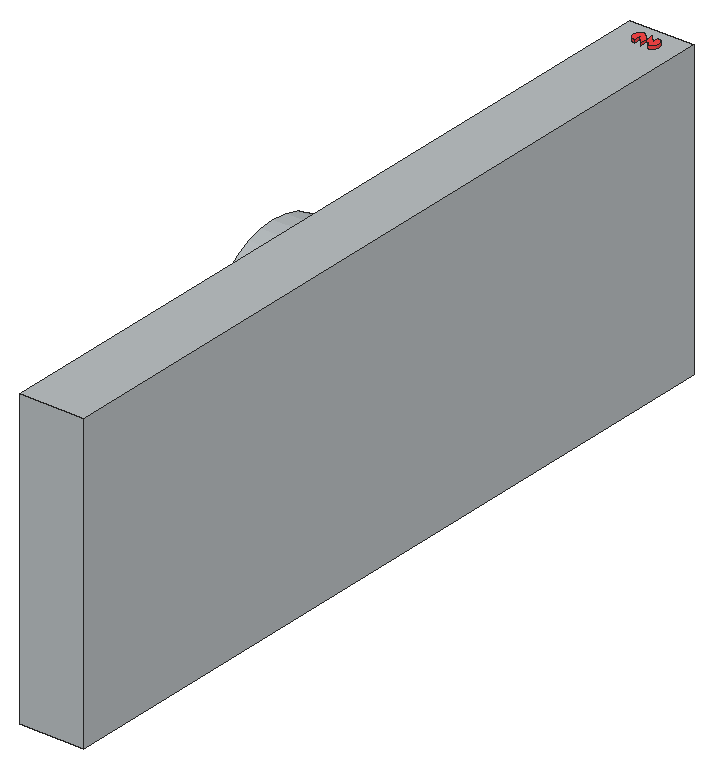
Revit family "NLRS_57_AIR_UN_plenum_linear-ceiling-grill-soooxx-standard_return_LT_sacs", category Air Terminals, Revit 2021
Family settings
  Round Connector Dimension = Use Diameter
  Part Type = Normal
  Work Plane-Based = No
  Always vertical = Yes
  Cut with Voids When Loaded = No
  Shared = No
  Room Calculation Point = Yes
Parameters (values of type "600")
  URL = "https://solid-air.nl/producten/solid-air-lijnrooster-stad-stbd-srod/"
  Type Comments = "Standard plenums for Line grill SR"  # constant formula
  Slots (1-4) [instance] = 1
  SACS_Type_Mark [instance] = ""
  SACS_Show_Symbol [instance] = yes
  SACS_Show_Arrows [instance] = yes
  SACS_Plenum_Offset [instance] = if(SACS_Index3 = 2 mm, 10 mm, 17.6 mm)  # 17.6 mm
  SACS_Plenum_L [instance] = NLRS_C_lengte - 12 mm  # 588 mm
  SACS_Plenum_H [instance] = 95 mm + NLRS_M_c01_diameter + 25 mm  # 245 mm
  SACS_Plenum_B [instance] = if(SACS_Index3 = 2 mm, 63 mm, 48.8 mm) + (SACS_Index1 - 1 mm) * 43.3  # 48.8 mm
  SACS_Option_4 [instance] = if([Slots (1-4)] < 2, "Single slot", if([Slots (1-4)] = 2, "2 slots", if([Slots (1-4)] = 3, "3 slots", "4 slots")))  # "Single slot"
  SACS_Option_3_Value [instance] = if([Brackets (0-2)] = 1, 2, if([Brackets (0-2)] > 1, 3, 5))  # 5
  SACS_Option_3 [instance] = if([Brackets (0-2)] = 1, "B = Plenum bracket B", if([Brackets (0-2)] > 1, "C = Plenum bracket C", "O = None"))  # "O = None"
  SACS_Option_2 [instance] = if([Plenum_Type (1-2)] < 2, "R = Lined", "U = Plain")  # "R = Lined"
  SACS_Option_1 [instance] = "SOOO"  # constant formula
  SACS_Offset1 [instance] = 99.5 mm + (SACS_Diameter / 2)  # 161 mm
  SACS_Model [instance] = size_lookup(SACS_Data_Hidden, "Model", "NB", NLRS_C_lengte, SACS_Index1, SACS_Index2, SACS_Index3)  # "SOOORO 600-1"
  SACS_Index3 [instance] = if([Brackets (0-2)] < 1, 4, if([Brackets (0-2)] = 1, 1, 2)) * 1 mm  # 4 mm
  SACS_Index2 [instance] = if([Plenum_Type (1-2)] < 2, 1 mm, 2 mm)  # 1 mm
  SACS_Index1 [instance] = if([Slots (1-4)] < 2, 1 mm, if([Slots (1-4)] = 2, 2 mm, if([Slots (1-4)] = 3, 3 mm, 4 mm)))  # 1 mm
  SACS_Face_Color [instance] = NLRS_57_anodised aluminium_RAL9010_gen_sacs
  SACS_Dummy = 1  # constant formula
  SACS_Diameter [instance] = NLRS_M_c01_diameter - 2 mm  # 123 mm
  SACS_Data_Hidden = "SOOOxx"  # constant formula
  SACS_Color [instance] = "RAL9010"
  SACS_Base_Index = 1
  SACS_Article_Code [instance] = size_lookup(SACS_Data_Hidden, "ArticleCode", "NB", NLRS_C_lengte, SACS_Index1, SACS_Index2, SACS_Index3)  # "8101000175"
  SACS_Array_End [instance] = SACS_Array_Base * SACS_Array_Count * 2  # 400 mm
  SACS_Array_Count [instance] = if(NLRS_C_lengte > 1200 mm, 3, 2)  # 2
  SACS_Array_Base [instance] = NLRS_C_lengte / (SACS_Array_Count + 1) / 2  # 100 mm
  SA-Select [instance] = "https://selectietool.solid-air.nl/Dashboard/CPMDashPage/Show/7"
  Plenum_Type (1-2) [instance] = 1
  Plenum_Material = NLRS_57_sendzimir verzinkt_gen_sacs
  NLRS_M_c01_drukverlies_statisch [instance] = 0.0 Pa
  NLRS_M_c01_diameter [instance] = size_lookup(SACS_Data_Hidden, "Diam", 125 mm, NLRS_C_lengte, SACS_Index1, SACS_Index2, SACS_Index3)  # 125 mm
  NLRS_M_c01_debiet [instance] = 0.0 L/s
  NLRS_C_model [instance] = SACS_Model  # "SOOORO 600-1"
  NLRS_C_materiaal_kleur [instance] = SACS_Color  # "RAL9010"
  NLRS_C_lengte [instance] = if(SACS_Base_Index = 1, 600 mm, if(SACS_Base_Index = 2, 750 mm, if(SACS_Base_Index = 3, 900 mm, if(SACS_Base_Index = 4, 1200 mm, if(SACS_Base_Index = 5, 1500 mm, 1800 mm)))))  # 600 mm
  NLRS_C_hoogte [instance] = SACS_Plenum_H * SACS_Dummy  # 245 mm
  NLRS_C_gtin_code [instance] = size_lookup(SACS_Data_Hidden, "GTIN", "NB", NLRS_C_lengte, SACS_Index1, SACS_Index2, SACS_Index3)  # "NB"
  NLRS_C_description = Description  # "Solid Air plenum for line Diffuser"
  NLRS_C_content_versie = "2.21.01"  # constant formula
  NLRS_C_content_provider = "Solid Air Climate Solutions"  # constant formula
  NLRS_C_content_datum_gewijzigd = "29-02-2024"  # constant formula
  NLRS_C_content_creator = "J.Feeke"  # constant formula
  NLRS_C_breedte [instance] = if([Brackets (0-2)] > 2, 65 mm, 52 mm) + (SACS_Index1 - 1 mm) * 43.3  # 52 mm
  Model = "Standard plenums for SR"  # constant formula
  Min Flow = 0.0 L/s
  Max Flow = 0.0 L/s
  Manufacturer = "Solid Air Climate Solutions"  # constant formula
  Description = "Solid Air plenum for line Diffuser"  # constant formula
  Default Elevation = 2700 mm
  Brackets (0-2) [instance] = 0
  Assembly Code = "57.00"
Types (7, lengths in mm): name | SACS_Plenum_L | SACS_Plenum_H | SACS_Option_3_Value | SACS_Option_3 | SACS_Offset1 | SACS_Model | SACS_Index3 | SACS_Diameter | SACS_Base_Index | SACS_Article_Code | SACS_Array_End | SACS_Array_Count | SACS_Array_Base | NLRS_M_c01_diameter | NLRS_C_model | NLRS_C_lengte | NLRS_C_hoogte | Brackets (0-2)
  (no name) | 588 | 245 | 5 | "O = None" | 161 | "SOOORO 600-1" | 4 | 123 | 1 | "8101000175" | 400 | 2 | 100 | 125 | "SOOORO 600-1" | 600 | 245 | 0
  600 | 588 | 245 | 5 | "O = None" | 161 | "SOOORO 600-1" | 4 | 123 | 1 | "8101000175" | 400 | 2 | 100 | 125 | "SOOORO 600-1" | 600 | 245 | 0
  750 | 738 | 245 | 2 | "B = Plenum bracket B" | 161 | "SOOORB 750-1" | 1 | 123 | 2 | "NB" | 500 | 2 | 125 | 125 | "SOOORB 750-1" | 750 | 245 | 1
  900 | 888 | 245 | 2 | "B = Plenum bracket B" | 161 | "SOOORB 900-1" | 1 | 123 | 3 | "8101001965" | 600 | 2 | 150 | 125 | "SOOORB 900-1" | 900 | 245 | 1
  1200 | 1188 | 280 | 2 | "B = Plenum bracket B" | 178.5 | "SOOORB 1200-1" | 1 | 158 | 4 | "NB" | 800 | 2 | 200 | 160 | "SOOORB 1200-1" | 1200 | 280 | 1
  1500 | 1488 | 280 | 2 | "B = Plenum bracket B" | 178.5 | "SOOORB 1500-1" | 1 | 158 | 5 | "NB" | 1125 | 3 | 187.5 | 160 | "SOOORB 1500-1" | 1500 | 280 | 1
  1800 | 1788 | 320 | 2 | "B = Plenum bracket B" | 198.5 | "SOOORB 1800-1" | 1 | 198 | 6 | "NB" | 1350 | 3 | 225 | 200 | "SOOORB 1800-1" | 1800 | 320 | 1
Reference planes
  plane 1 "Center (Front/Back)": y = 0
  plane 2: z = 0
  plane 3 "Center (Left/Right)": x = 0
  plane 4: y = 300
  plane 5: y = -300
  plane 6: y = 294
  plane 7: y = -294
  plane 8: x = -24.4
  plane 9: x = 24.4
  plane 10: x = -26
  plane 11: x = 26
  plane 12: x = -76
  plane 13: x = 76
  plane 14: z = 17.6
  plane 15: z = 161
  plane 16 "Top": z = 245
  plane 17: y = -200
  plane 18: y = 200
Forms (mm)
  Extrusion 1, solid, material "NLRS_57_sendzimir verzinkt_gen_sacs" <- "Plenum_Material", detail levels medium+fine
    sketch origin (0, 0, 0) x (1, 0, 0) y (0, 0, 1)
      loop
        line (-24.4, 245) -> (-24.4, 17.6) -> (24.4, 17.6) -> (24.4, 245) -> (-24.4, 245)
    from -294 to 294
  Extrusion 2, solid, material "NLRS_57_sendzimir verzinkt_gen_sacs" <- "Plenum_Material", detail levels medium+fine
    sketch origin (0, 0, 0) x (0, 1, 0) y (0, 0, 1)
      loop
        circle (0, 161) r 61.5
    from -64.4 to -24.4
Lines and regions (mm)
  model lines, visible <- "SACS_Show_Symbol", detail levels coarse
    curve 1: line (-26, 300, 0) -> (26, 300, 0)
    curve 2: line (-26, -300, 0) -> (-26, 300, 0)
    curve 3: line (26, -300, 0) -> (-26, -300, 0)
    curve 4: line (26, 300, 0) -> (26, -300, 0)
    curve 5: line (-26, 300, 0) -> (26, -300, 0)
Dimensions and locks
  equal spacing: plane 5, plane 1 "Center (Front/Back)", plane 4
  "NLRS_C_lengte": plane 5 to plane 4
  equal spacing: plane 6, plane 1 "Center (Front/Back)", plane 7
  "SACS_Plenum_L": plane 6 to plane 7
  equal spacing: plane 10, plane 3 "Center (Left/Right)", plane 11
  "NLRS_C_breedte": plane 10 to plane 11
  "SACS_Plenum_B": plane 8 to plane 9
  equal spacing: plane 8, plane 3 "Center (Left/Right)", plane 9
  locked: plane 12 to plane 10 at 50
  locked: plane 11 to plane 13 at 50
  "SACS_Plenum_Offset": plane 14 to plane 2
  "SACS_Plenum_H": plane 16 "Top" to plane 2
  "SACS_Offset1": plane 15 to plane 2
  locked: Extrusion 2 to plane 8 at 40
  "SACS_Array_Base": plane 5 to plane 17
  "SACS_Array_End": plane 18 to plane 17
  group 1 to group 2 = 0 mm  (x2)
  group 1 to group 2 = 400 mm
  locked: plane 6 to nested 5 at 15
  group 3 to group 4 = 0 mm  (x2)
  group 3 to group 4 = 400 mm
  group 5 to group 6 = 0 mm  (x2)
  group 5 to group 6 = 400 mm
  "SACS_Diameter": diameter of Extrusion 2 sketch curve
  aligned and locked: level to plane 2
  aligned and locked: plane 8 to Extrusion 1 sketch curve
  aligned and locked: Extrusion 1 sketch curve to plane 9
  aligned and locked: plane 14 to Extrusion 1 sketch curve
  aligned and locked: Extrusion 1 sketch curve to plane 16 "Top"
  aligned and locked: plane 6 to Extrusion 1
  aligned and locked: Extrusion 1 to plane 7
  aligned and locked: plane 15 to Extrusion 2 sketch curve
  aligned and locked: plane 1 "Center (Front/Back)" to Extrusion 2 sketch curve
  aligned and locked: plane 8 to Extrusion 2
  aligned and locked: curve 2 to plane 10
  aligned and locked: plane 4 to curve 1
  aligned and locked: curve 3 to plane 5
  aligned and locked: plane 11 to curve 4
  aligned and locked: plane 3 "Center (Left/Right)" to nested 3
  aligned and locked: nested 3 to plane 17
  aligned and locked: nested 4 to plane 18
  aligned and locked: plane 3 "Center (Left/Right)" to nested 5
  aligned and locked: plane 12 to nested 2
  aligned and locked: nested 1 to plane 13
  aligned and locked: nested 1 to plane 17
  aligned and locked: nested 2 to plane 17
  aligned and locked: nested 6 to plane 18
  aligned and locked: plane 12 to nested 6
  aligned and locked: nested 7 to plane 13  (x2)
  aligned and locked: nested 7 to plane 18  (x2)
Nested families
  nested 1: "Arrow" at (251, -200, 0) x (-1, 0, 0) z (0, 0, 1), visible <- "SACS_Show_Arrows", type "Arrow"
  nested 2: "Arrow" at (-251, -200, 0), visible <- "SACS_Show_Arrows", type "Arrow"
  nested 3: "bracket" at (0, -200, -4.5), type "bracket"
    with Type_A no, Bracket 5
  nested 4: "bracket" at (0, 200, -4.5), type "bracket"
    with Type_A no, Bracket 5
  nested 5: "logo_SACS" at (0, 279, 245), type "logo_SACS"
    with t 5 mm
  nested 6: "Arrow" at (-251, 200, 0), visible <- "SACS_Show_Arrows", type "Arrow"
  nested 7: "Arrow" at (251, 200, 0) x (-1, 0, 0) z (0, 0, 1), visible <- "SACS_Show_Arrows", type "Arrow"
Connectors
  hvac at (-24.4, 0, 161), driven by "NLRS_M_c01_diameter", driven by "NLRS_M_c01_debiet", driven by "NLRS_M_c01_drukverlies_statisch"
    settings: on Extrusion 2, index 1, duct flow 0.0 L/s, flow factor 0, pres drop 0.0 Pa, loss coef 0, conn angle 0.00°, conn width 304.8 mm, conn height 304.8 mm, conn diameter 125 mm, duct sys type 1, conn prof type 0, flow config 1, flow direction 1, loss method 4, conn ref index -1, conn util no, is conn primary yes, conn desc ""
Definition of nested family "logo_SACS"
  Parameters (values of type "logo_SACS")
    t = 2 mm
    Model = "LOD 400"
    Description = "Model type"
    Default Elevation = 1219.2 mm
  Reference planes
    plane 1 "Center (Front/Back)": y = 0
    plane 2: z = 0
    plane 3 "Center (Left/Right)": x = 0
    plane 4: z = 2
    plane 5: x = -4
    plane 6: y = -2
    plane 7: y = 2
    plane 8: x = -2
    plane 9: x = 2
    plane 10: x = 4
  Forms (mm)
    Extrusion 1, solid
      sketch origin (-547.644, -297.937, 0) x (1, 0, 0) y (0, 1, 0)
        loop
          arc (545.644, 299.937) -> (543.644, 297.937) -> (545.644, 295.937) r 2
          line (545.644, 295.937) -> (545.644, 297.937) -> (547.644, 295.937) -> (547.644, 297.937) -> (545.644, 299.937)
      from 0 to 2
    Extrusion 2, solid
      sketch origin (0, 0, 0) x (1, 0, 0) y (0, 1, 0)
        loop
          arc (2, -2) -> (4, 0) -> (2, 2) r 2
          line (2, 2) -> (2, 0) -> (0, 2) -> (0, 0) -> (2, -2)
      from 0 to 2
  Dimensions and locks
    "t": plane 7 to plane 1 "Center (Front/Back)"
    "t": plane 6 to plane 1 "Center (Front/Back)"
    "t": plane 5 to plane 8
    "t": plane 8 to plane 3 "Center (Left/Right)"
    "t": plane 3 "Center (Left/Right)" to plane 9
    "t": plane 9 to plane 10
    aligned and locked: level to plane 2
    aligned and locked: plane 4 to Extrusion 1
  Automatic sketch dimensions
    plane 1 "Center (Front/Back)" to Extrusion 1 sketch curve = 0 mm  (x3)
    Extrusion 1 sketch curve to plane 8 = 0 mm
    Extrusion 1 sketch curve to plane 7 = 0 mm
    Extrusion 1 sketch curve to plane 3 "Center (Left/Right)" = 0 mm
    Extrusion 1 sketch curve to plane 6 = 0 mm
    Extrusion 2 sketch curve to plane 3 "Center (Left/Right)" = 0 mm
    plane 1 "Center (Front/Back)" to Extrusion 2 sketch curve = 0 mm  (x3)
    Extrusion 2 sketch curve to plane 6 = 0 mm
    Extrusion 2 sketch curve to plane 9 = 0 mm
    Extrusion 2 sketch curve to plane 7 = 0 mm
Definition of nested family "Arrow"
  Parameters (values of type "Arrow")
    Offset = 400 mm
    Arrow_Length = 175 mm  # constant formula
  Reference planes
    plane 1 "Center (Front/Back)": y = 0
    plane 2: z = 0
    plane 3 "Center (Left/Right)": x = 0
    plane 4: x = 175
    plane 5: y = 0
    plane 6: x = 175
    plane 7: x = 0
    plane 8: y = 0
  Lines and regions (mm)
    Filled region 1, type "Solid Fill - Black", in view "Ref. Level"
      outline origin (0, 0, 0) x (0, -1, 0) y (1, 0, 0)
        loop
          line (0, 175) -> (-21.131, 129.685) -> (21.131, 129.685) -> (0, 175)
    detail lines, in view "Ref. Level"
      curve 1: line (0, 0, 0) -> (152.343, 0, 0)
  Dimensions and locks
    locked: plane 3 "Center (Left/Right)" to plane 7
    locked: plane 8 to plane 1 "Center (Front/Back)" at 0
    locked: Filled region 1 sketch curve to Filled region 1 sketch curve at 50  (x2)
    "Arrow_Length": plane 3 "Center (Left/Right)" to plane 6
    locked: Filled region 1 sketch curve to curve 1 (angle 25.00°)
    locked: curve 1 to Filled region 1 sketch curve (angle 25.00°)
  Automatic sketch dimensions
    plane 1 "Center (Front/Back)" to Filled region 1 sketch curve = 0 mm
    Filled region 1 sketch curve to plane 4 = 45.315 mm
    plane 1 "Center (Front/Back)" to curve 1 = 0 mm
    curve 1 to plane 3 "Center (Left/Right)" = 0 mm
    curve 1 to plane 4 = 22.657 mm
Definition of nested family "bracket"
  Parameters (values of type "bracket")
    slots = 1
    count = if(slots < 1, 0, (slots - 1)) * Dummy  # 0
    Type_D = Bracket = 4  # no
    Type_CD = or(Type_C, Type_D)  # no
    Type_C = Bracket = 3  # no
    Type_B = Bracket = 2  # no
    Type_A = Bracket = 1  # yes
    Material = none
    Dummy = 1  # constant formula
    Diameter = 125 mm
    Default Elevation = 0 mm
    Ceiling = 5 mm
    Bracket = 1
  Reference planes
    plane 1 "Center (Front/Back)": y = 0
    plane 2: z = 0
    plane 3 "Center (Left/Right)": x = 0
    plane 4: y = 7.5
    plane 5: y = -7.5
  Forms (mm)
    Sweep 1, solid, material <- "Material", visible <- "Type_A", detail levels medium+fine
      path in 3D
        loop
          line (0, 7.5, 32.8) -> (0, -7.5, 32.8)
      profile "Profile_A : Profile_A" origin (0, 0, 32.8) x (0, 0, -1) y (1, 0, 0)
        loop
          line (-17.25, 44.75) -> (-19.25, 44.75) -> (-19.25, 26.85) -> (16.42, 26.85) -> (18.67, 24.6) -> (12.3, 24.6) -> (12.3, 22.6) -> (28.25, 22.6) -> (28.25, 24.6) -> (21.5, 24.6) -> (17.25, 28.85) -> (-17.25, 28.85) -> (-17.25, 44.75)
        loop
          line (-17.25, -44.75) -> (-17.25, -28.85) -> (17.25, -28.85) -> (21.5, -24.6) -> (28.25, -24.6) -> (28.25, -22.6) -> (12.3, -22.6) -> (12.3, -24.6) -> (18.67, -24.6) -> (16.42, -26.85) -> (-19.25, -26.85) -> (-19.25, -44.75) -> (-17.25, -44.75)
    Sweep 2, solid, material <- "Material", visible <- "Type_B", detail levels medium+fine
      path in 3D
        loop
          line (0, 7.5, 32.8) -> (0, -7.5, 32.8)
      profile "Profile_B : Profile_B" origin (0, 0, 32.8) x (0, 0, -1) y (1, 0, 0)
        loop
          line (-216.75, 56.4) -> (-216.75, 24.4) -> (-184.75, 24.4) -> (-184.75, 26.4) -> (-214.75, 26.4) -> (-214.75, 56.4) -> (-216.75, 56.4)
        loop
          line (-216.75, -56.4) -> (-214.75, -56.4) -> (-214.75, -26.4) -> (-184.75, -26.4) -> (-184.75, -24.4) -> (-216.75, -24.4) -> (-216.75, -56.4)
    Sweep 3, solid, material <- "Material", visible <- "Type_CD", detail levels medium+fine
      path in 3D
        loop
          line (0, 7.5, 32.8) -> (0, -7.5, 32.8)
      profile "Profile_CD : Profile_CD" origin (0, 0, 32.8) x (0, 0, -1) y (1, 0, 0)
        loop
          line (-40.7, 25) -> (-40.7, -25) -> (18.3, -30.5) -> (18.3, -28.5) -> (-38.7, -23.55) -> (-38.7, 23.55) -> (18.3, 28.5) -> (18.3, 30.5) -> (-40.7, 25)
        loop
          arc (-25, -8.5) -> (-24.298, -10.428) -> (-22.521, -11.454) r 3
          line (-22.521, -11.454) -> (-2.826, -14.925)
          arc (-2.826, -14.925) -> (-2.234, -15.267) -> (-2, -15.91) r 1
          line (-2, -15.91) -> (-2, -20.5) -> (0, -20.5) -> (0, -15.91)
          arc (0, -15.91) -> (-0.702, -13.982) -> (-2.479, -12.956) r 3
          line (-2.479, -12.956) -> (-22.174, -9.485)
          arc (-22.174, -9.485) -> (-22.766, -9.143) -> (-23, -8.5) r 1
          line (-23, -8.5) -> (-23, 8.5)
          arc (-23, 8.5) -> (-22.766, 9.143) -> (-22.174, 9.485) r 1
          line (-22.174, 9.485) -> (-2.479, 12.956)
          arc (-2.479, 12.956) -> (-0.702, 13.982) -> (0, 15.91) r 3
          line (0, 15.91) -> (0, 20.5) -> (-2, 20.5) -> (-2, 15.91)
          arc (-2, 15.91) -> (-2.234, 15.267) -> (-2.826, 14.925) r 1
          line (-2.826, 14.925) -> (-22.521, 11.454)
          arc (-22.521, 11.454) -> (-24.298, 10.428) -> (-25, 8.5) r 3
          line (-25, 8.5) -> (-25, -8.5)
    Extrusion 4, solid, not visible
      sketch origin (-547.644, -297.937, 0) x (1, 0, 0) y (0, 1, 0)
        loop
          arc (545.644, 299.937) -> (543.644, 297.937) -> (545.644, 295.937) r 2
          line (545.644, 295.937) -> (545.644, 297.937) -> (547.644, 295.937) -> (547.644, 297.937) -> (545.644, 299.937)
      from 0 to 2
    Extrusion 5, solid, not visible
      sketch origin (0, 0, 0) x (1, 0, 0) y (0, 1, 0)
        loop
          arc (2, -2) -> (4, 0) -> (2, 2) r 2
          line (2, 2) -> (2, 0) -> (0, 2) -> (0, 0) -> (2, -2)
      from 0 to 2
  Lines and regions (mm)
    model lines, not visible
      curve 1: line (0, 7.5, 32.8) -> (0, -7.5, 32.8)
    sketch lines
      curve 2: line (0, 7.5, 32.8) -> (0, -7.5, 32.8)
      curve 3: line (0, 7.5, 32.8) -> (0, -7.5, 32.8)
      curve 4: line (0, 7.5, 32.8) -> (0, -7.5, 32.8)
  Dimensions and locks
    equal spacing: plane 5, plane 1 "Center (Front/Back)", plane 4
    locked: plane 4 to plane 5 at 15
    locked: plane 2 to curve 1 at 32.8
    aligned and locked: level to plane 2
    aligned and locked: plane 5 to curve 1
    aligned and locked: plane 4 to curve 1
  Automatic sketch dimensions
    plane 1 "Center (Front/Back)" to Extrusion 4 sketch curve = 0 mm  (x3)
    Extrusion 4 sketch curve to plane 3 "Center (Left/Right)" = 0 mm
    Extrusion 4 sketch curve to plane 3 "Center (Left/Right)" = 2 mm
    Extrusion 4 sketch curve to Extrusion 4 sketch curve = 2 mm  (x2)
    plane 1 "Center (Front/Back)" to Extrusion 5 sketch curve = 0 mm  (x3)
    Extrusion 5 sketch curve to plane 3 "Center (Left/Right)" = 0 mm
    Extrusion 5 sketch curve to Extrusion 5 sketch curve = 2 mm  (x2)
    Extrusion 5 sketch curve to Extrusion 5 sketch curve = 0 mm
